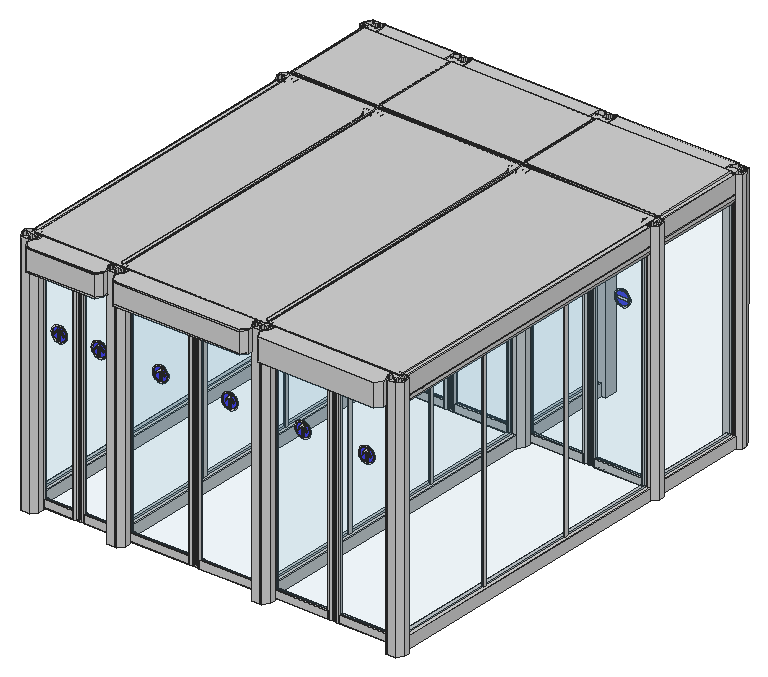
Revit family "ASSA_ABLOY_SecurityPortal_EL_Twin", category Doors, Revit 2020 (continued)
Automatic sketch dimensions
  Sweep 4 sketch curve to Sweep 4 sketch curve = 8.103 mm  (x2)
  Sweep 4 sketch curve to Sweep 4 sketch curve = 15.00 mm  (x2)
  Sweep 4 sketch curve to plane 8 "Center" = 17.45 mm
  Sweep 4 sketch curve to Sweep 4 sketch curve = 2.50 mm
  plane 4 "Top" to Extrusion 29 sketch curve = 4.531 mm
  plane 1 "Entry" to curve 59 = 0.00 mm
  plane 1 "Entry" to curve 60 = 0.00 mm
  plane 26 to curve 93 = 0.00 mm
  plane 26 to curve 59 = 0.00 mm
  plane 26 to curve 60 = 0.00 mm
  curve 93 to curve 59 = 938.195 mm
  curve 93 to curve 94 = 403.012 mm
  curve 94 to curve 94 = 1730.692 mm
  plane 4 "Top" to Extrusion 43 sketch curve = 4.531 mm
  plane 4 "Top" to Extrusion 15 sketch curve = 4.531 mm
  Extrusion 15 sketch curve to plane 4 "Top" = 0.00 mm
  Extrusion 44 sketch curve to plane 38 = 0.00 mm  (x2)
  plane 25 to Extrusion 44 sketch curve = 0.00 mm  (x2)
  Extrusion 44 sketch curve to plane 35 = 0.00 mm  (x2)
  curve 75 to curve 85 = 8.10 mm
  curve 76 to curve 85 = 8.10 mm
  curve 85 to curve 32 = 0.00 mm
  curve 33 to curve 85 = 0.00 mm
  curve 86 to curve 92 = 29.90 mm
  curve 91 to curve 88 = 29.90 mm
  curve 31 to curve 83 = 8.10 mm
  curve 30 to curve 84 = 8.10 mm
  curve 33 to curve 31 = 33.00 mm
  curve 30 to curve 32 = 33.00 mm
Nested families
  nested 1: "Panel" at (-573.1, 0, 0), PanelWidth <- "PanelWidth", type "Left Entry"
    with PanelWidth 573.10 mm
  nested 2: "Panel" at (573.1, 0, 0) x (-1, 0, 0) z (0, 0, 1), PanelWidth <- "PanelWidth", type "Right Entry"
    with PanelWidth 573.10 mm
  nested 3: "Panel" at (-573.1, 2999.92, 0), PanelWidth <- "PanelWidth", type "Left Exit"
    with PanelWidth 573.10 mm
  nested 4: "Panel" at (573.1, 2999.92, 0) x (-1, 0, 0) z (0, 0, 1), PanelWidth <- "PanelWidth", type "Right Exit"
    with PanelWidth 573.10 mm
  nested 5: "Advance" at (0, 3017.37, 0), visible <- "Advance", 2Row <- "Row2", 3Row <- "Row3", type "Advance"
    with 3Row yes, 2RowPoll no, 2Row yes, 1Row no, ThirdPassageWidth 650.00 mm, SecondPassageWidth 1200.00 mm, PassageWidth 1100.00 mm, Length 853.79 mm
  nested 6: "Panel" at (-1937.7, 0, 0), visible <- "Row2", PanelWidth <- "PanelWidth2", type "Left Entry"
    with PanelWidth 623.10 mm
  nested 7: "Panel" at (-691.2, 0, 0) x (-1, 0, 0) z (0, 0, 1), visible <- "Row2", PanelWidth <- "PanelWidth2", type "Right Entry"
    with PanelWidth 623.10 mm
  nested 8: "Panel" at (-1937.7, 2999.92, 0), visible <- "Row2", PanelWidth <- "PanelWidth2", type "Left Exit"
    with PanelWidth 623.10 mm
  nested 9: "Panel" at (-691.2, 2999.92, 0) x (-1, 0, 0) z (0, 0, 1), visible <- "Row2", PanelWidth <- "PanelWidth2", type "Right Exit"
    with PanelWidth 623.10 mm
  nested 10: "Panel" at (-2752.2, 0, 0), visible <- "Row3", PanelWidth <- "PanelWidth3", type "Left Entry"
    with PanelWidth 348.10 mm
  nested 11: "Panel" at (-2055.8, 0, 0) x (-1, 0, 0) z (0, 0, 1), visible <- "Row3", PanelWidth <- "PanelWidth3", type "Right Entry"
    with PanelWidth 348.10 mm
  nested 12: "Panel" at (-2752.2, 2999.92, 0), visible <- "Row3", PanelWidth <- "PanelWidth3", type "Left Exit"
    with PanelWidth 348.10 mm
  nested 13: "Panel" at (-2055.8, 2999.92, 0) x (-1, 0, 0) z (0, 0, 1), visible <- "Row3", PanelWidth <- "PanelWidth3", type "Right Exit"
    with PanelWidth 348.10 mm
Definition of nested family "Panel"
  Parameters (values of type "Left Entry")
    Width = 0.00 mm
    URL = ""
    Type Comments = ""
    Thickness = 0.00 mm
    Rubber = none
    Rough Width = 0.00 mm
    Rough Height = 0.00 mm
    RightPanel = no
    PassageHeight = 2100.00 mm
    PanelWidth [instance] = 273.10 mm
    PanelGlass = none
    Operation = "Automatic"
    OpeningRotationAngle = 0.00°
    Model = ""
    Manufacturer = ""
    LeftPanel = not(RightPanel)  # yes
    Keynote = ""
    Height = 0.00 mm
    Function = (empty or 0)
    Frames = none
    Exit = no
    Entry = yes
    Description = ""
    Default Elevation = 1219.20 mm
    Cost = 0
    Construction Type = ""
    Assembly Code = ""
    Analytic Construction = "<None>"
  Types (4, lengths in mm): name | RightPanel | LeftPanel | Exit | Entry
    Left Entry | no | yes | no | yes
    Left Exit | no | yes | yes | no
    Right Exit | yes | no | yes | no
    Right Entry | yes | no | no | yes
  Reference planes
    plane 1 "Center (Front/Back)": y = 0
    plane 2: z = 0
    plane 3 "Center (Left/Right)": x = 0
    plane 4 "Top": z = 2100
    plane 5: z = 2093
    plane 6: z = 20
    plane 7 "Exit": y = 8
    plane 8: z = 2064
    plane 9: z = 49
  Forms (mm)
    Sweep 1, solid, material <- "Frames"
      path origin (0, 0, 0) x (1, 0, 0) y (0, 0, 1)
        loop
          line (0, 2100) -> (0, 0)
      profile origin (0, 0, 1050) x (0, -1, 0) y (1, 0, 0)
        loop
          arc (-15, 13.229) -> (0, -20) -> (15, 13.229) r 20
          line (15, 13.229) -> (15, 23) -> (2, 23) -> (2, 11.4) -> (-12, 11.4) -> (-12, 23) -> (-15, 23) -> (-15, 13.229)
    Sweep 2, solid, material <- "Frames", visible <- "LeftPanel"
      path origin (0, 0, 0) x (1, 0, 0) y (0, 0, 1)
        loop
          line (273.1, 2093) -> (273.1, 20)
      profile origin (273.1, 0, 1056.5) x (0, -1, 0) y (1, 0, 0)
        loop
          line (-12, -39.05) -> (1.998, -39.05) -> (1.998, -50.643) -> (14.998, -50.643) -> (14.998, -35.65) -> (11.459, -13.245) -> (4, -7.655) -> (4, 7.349) -> (-4.002, 7.349) -> (-4.002, -7.655) -> (-11.461, -13.245) -> (-15.001, -35.65) -> (-15.001, -50.643) -> (-12, -50.643) -> (-12, -39.05)
    Sweep 3, solid, material <- "Frames"
      path origin (0, 0, 0) x (1, 0, 0) y (0, 1, 0)
        loop
          line (222.457, 0) -> (23, 0)
      profile origin (122.728, 0, 0) x (0, -1, 0) y (0, 0, 1)
        loop
          line (-15, 90) -> (-15, 20) -> (-12, 20) -> (-12, 33) -> (12, 33) -> (12, 20) -> (15, 20) -> (15, 90) -> (2, 90) -> (2, 45.4) -> (-12, 45.4) -> (-12, 90) -> (-15, 90)
    Sweep 4, solid, material <- "Rubber"
      path origin (0, 0, 0) x (1, 0, 0) y (0, 1, 0)
        loop
          line (222.457, 0) -> (33.008, 0)
      profile origin (127.733, 0, 0) x (0, -1, 0) y (0, 0, 1)
        loop
          line (-12, 20) -> (-1.235, 20) -> (-0.472, 7) -> (0.472, 7) -> (1.235, 20) -> (12, 20) -> (12, 30.5) -> (0, 30.5) -> (-12, 30.5) -> (-12, 20)
    Sweep 5, solid, material <- "Frames"
      path origin (0, 0, 2100) x (0, -1, 0) y (1, 0, 0)
        loop
          line (0, 222.457) -> (0, 23)
      profile origin (122.728, 0, 2100) x (0, -1, 0) y (0, 0, 1)
        loop
          line (-15, -77) -> (-12, -77) -> (-12, -32.4) -> (2, -32.4) -> (2, -77) -> (15, -77) -> (15, -7) -> (12, -7) -> (12, -20) -> (-12, -20) -> (-12, -7) -> (-15, -7) -> (-15, -77)
    Extrusion 6, solid, material <- "PanelGlass"
      sketch origin (0, 0, 0) x (1, 0, 0) y (0, 1, 0)
        loop
          line (230.45, 0) -> (230.45, 8) -> (15, 8) -> (15, 0) -> (230.45, 0)
      from 49 to 2064
    Sweep 7, solid, visible <- "Entry"
      path origin (0, 0, 0) x (1, 0, 0) y (0, 1, 0)
        loop
          line (122.728, 0) -> (122.728, -1.002)
      profile origin (122.728, -0.501, 0) x (1, 0, 0) y (0, 0, 1)
        loop
          circle (0, 1520) r 75
        loop
          circle (0, 1520) r 65
        loop
          line (10, 1465) -> (10, 1543.636) -> (40, 1507.883) -> (40, 1527.33) -> (0, 1575) -> (-40, 1527.33) -> (-40, 1507.883) -> (-10, 1543.636) -> (-10, 1465) -> (10, 1465)
    Sweep 8, solid, visible <- "Exit"
      path origin (0, 0, 0) x (1, 0, 0) y (0, 1, 0)
        loop
          line (122.728, 9) -> (122.728, 8)
      profile origin (122.728, 8.5, 0) x (1, 0, 0) y (0, 0, 1)
        loop
          circle (0, 1520) r 75
        loop
          circle (0, 1520) r 65
        loop
          line (55, 1530) -> (-55, 1530) -> (-55, 1510) -> (55, 1510) -> (55, 1530)
    Sweep 9, solid, visible <- "Entry"
      path origin (0, 0, 0) x (1, 0, 0) y (0, 1, 0)
        loop
          line (122.728, 0) -> (122.728, -1.002)
      profile origin (122.728, -0.501, 0) x (1, 0, 0) y (0, 0, 1)
        loop
          circle (0, 1520) r 65
        loop
          line (10, 1465) -> (10, 1543.636) -> (40, 1507.883) -> (40, 1527.33) -> (0, 1575) -> (-40, 1527.33) -> (-40, 1507.883) -> (-10, 1543.636) -> (-10, 1465) -> (10, 1465)
    Sweep 10, solid, visible <- "Exit"
      path origin (0, 0, 0) x (1, 0, 0) y (0, 1, 0)
        loop
          line (122.728, 9) -> (122.728, 8)
      profile origin (122.728, 8.5, 0) x (1, 0, 0) y (0, 0, 1)
        loop
          circle (0, 1520) r 65
        loop
          line (55, 1530) -> (-55, 1530) -> (-55, 1510) -> (55, 1510) -> (55, 1530)
    Sweep 11, solid, material <- "Frames", visible <- "RightPanel"
      path origin (0, 0, 0) x (1, 0, 0) y (0, 0, 1)
        loop
          line (273.1, 2093) -> (273.1, 20)
      profile origin (273.1, 0, 1056.5) x (0, -1, 0) y (1, 0, 0)
        loop
          line (-12.001, -39.05) -> (1.998, -39.05) -> (1.998, -50.643) -> (14.998, -50.643) -> (14.998, -35.65) -> (11.997, -16.65) -> (11.997, -2.65)
          arc (11.997, -2.65) -> (9.768, 2.472) -> (4.5, 4.332) r 7
          line (4.5, 4.332) -> (4.5, -14.15) -> (-4.5, -14.15) -> (-4.5, 4.332)
          arc (-4.5, 4.332) -> (-9.769, 2.473) -> (-11.999, -2.65) r 7
          line (-11.999, -2.65) -> (-11.999, -16.65) -> (-15.001, -35.65) -> (-15.001, -50.643) -> (-12.001, -50.643) -> (-12.001, -39.05)
  Lines and regions (mm)
    Masking region 1
      outline origin (0, 0, 0) x (1, 0, 0) y (0, 1, 0)
        loop
          arc (13.229, 15) -> (-20, 0) -> (13.229, -15) r 20
          line (13.229, -15) -> (23, -15) -> (23, 15) -> (13.229, 15)
    Masking region 2
      outline origin (0, 0, 0) x (1, 0, 0) y (0, 1, 0)
        loop
          line (23, -15) -> (222.457, -15) -> (222.457, 15) -> (23, 15) -> (23, -15)
    Masking region 3, visible <- "LeftPanel", detail levels fine
      outline origin (0, 0, 0) x (1, 0, 0) y (0, 1, 0)
        loop
          line (222.457, -14.998) -> (237.45, -14.998) -> (259.855, -11.459) -> (265.445, -4) -> (280.449, -4) -> (280.449, 4.002) -> (265.445, 4.002) -> (259.855, 11.461) -> (237.45, 15.001) -> (222.457, 15.001) -> (222.457, -14.998)
    Masking region 4, visible <- "RightPanel", detail levels fine
      outline origin (0, 0, 0) x (1, 0, 0) y (0, 1, 0)
        loop
          line (237.45, -14.998) -> (256.45, -11.997) -> (270.45, -11.997)
          arc (270.45, -11.997) -> (275.572, -9.768) -> (277.432, -4.5) r 7
          line (277.432, -4.5) -> (258.95, -4.5) -> (258.95, 4.5) -> (277.432, 4.5)
          arc (277.432, 4.5) -> (275.573, 9.769) -> (270.45, 11.999) r 7
          line (270.45, 11.999) -> (256.45, 11.999) -> (237.45, 15.001) -> (222.457, 15.001) -> (222.457, -14.998) -> (237.45, -14.998)
    Masking region 5, detail levels medium
      outline origin (0, 0, 0) x (1, 0, 0) y (0, 1, 0)
        loop
          line (273.1, -11.997) -> (273.1, 11.999) -> (256.45, 11.999) -> (237.45, 15.001) -> (222.457, 15.001) -> (222.457, -14.998) -> (237.45, -14.998) -> (256.45, -11.997) -> (273.1, -11.997)
    Masking region 6, detail levels coarse
      outline origin (0, 0, 0) x (1, 0, 0) y (0, 1, 0)
        loop
          line (222.457, -14.998) -> (273.1, -14.998) -> (273.1, 15.001) -> (222.457, 15.001) -> (222.457, -14.998)
    reference lines
      curve 1: line (0, 0, 0) -> (500, 0, 0)
      curve 2: line (0, 8, 0) -> (500, 8, 0)
      curve 3: line (273.1, 0, 0) -> (273.1, 0, 27.063)
      curve 4: line (235.45, 0, 0) -> (235.45, 0, 37.698)
      curve 5: line (230.45, 0, 0) -> (230.45, 0, 37.698)
      curve 6: line (222.457, 0, 0) -> (222.457, 0, 37.698)
      curve 7: line (122.728, 0, 0) -> (122.728, 0, 40)
      curve 8: line (30.5, 0, 0) -> (30.5, 0, 40)
      curve 9: line (23, 0, 0) -> (23, 0, 40)
      curve 10: line (15, 0, 0) -> (15, 0, 40)
      curve 11: line (0, 0, 0) -> (0, 0, 40)
      curve 12: line (235.45, 0, 0) -> (235.45, 8, 0)
      curve 13: line (230.45, 0, 0) -> (230.45, 8, 0)
      curve 14: line (222.457, 0, 0) -> (222.457, 8, 0)
      curve 15: line (122.728, 0, 0) -> (122.728, 8, 0)
      curve 16: line (30.5, 0, 0) -> (30.5, 8, 0)
      curve 17: line (23, 0, 0) -> (23, 8, 0)
      curve 18: line (15, 0, 0) -> (15, 8, 0)
      curve 19: line (0, 0, 2100) -> (500, 0, 2100)
      curve 20: line (273.1, 0, 0) -> (273.1, 8, 0)
    symbolic lines, detail levels medium+fine
      curve 21: line (234.05, -1.998, 0) -> (222.457, -1.998, 0)
      curve 22: line (234.05, 12.001, 0) -> (234.05, -1.998, 0)
      curve 23: line (222.457, 12.001, 0) -> (234.05, 12.001, 0)
      curve 24: line (23, 12, 0) -> (399.107, 12, 0)
      curve 25: line (399.107, -2, 0) -> (23, -2, 0)
      curve 26: line (23, -2, 0) -> (11.4, -2, 0)
      curve 27: line (11.4, -2, 0) -> (11.4, 12, 0)
      curve 28: line (11.4, 12, 0) -> (23, 12, 0)
      curve 33: line (222.457, -1.998, 0) -> (222.457, -14.998, 0)
      curve 34: line (222.457, 15.001, 0) -> (222.457, 12.001, 0)
      curve 35: line (23, -15, 0) -> (23, -2, 0)
      curve 36: line (23, 12, 0) -> (23, 15, 0)
    symbolic lines, detail levels fine
      curve 29: line (15, 8, 0) -> (15, 0, 0)
      curve 30: line (15, 0, 0) -> (407.1, 0, 0)
      curve 31: line (407.1, 8, 0) -> (15, 8, 0)
      curve 32: line (407.1, 0, 0) -> (407.1, 8, 0)
  Dimensions and locks
    "PassageHeight": plane 4 "Top" to plane 2
    locked: plane 4 "Top" to plane 5 at 7
    locked: plane 4 "Top" to plane 8 at 36
    curve 8 to curve 9 to curve 10 to curve 11 = 7.50 mm locked, 8.00 mm locked, 15.00 mm locked
    curve 3 to curve 4 to curve 5 to curve 6 = 37.65 mm locked, 5.00 mm locked, 7.993 mm locked
    equal spacing: curve 6, curve 7, curve 9
    "PanelWidth": curve 3 to curve 11
    "PassageHeight": curve 19 to curve 1
    "OpeningRotationAngle": angle plane 1 "Center (Front/Back)" to curve 1
    aligned and locked: level to plane 2
    aligned and locked: plane 4 "Top" to Sweep 1 sketch curve
    aligned and locked: level to Sweep 1 sketch curve
    aligned and locked: plane 5 to Sweep 2 sketch curve
    aligned and locked: plane 6 to Sweep 2 sketch curve
    aligned and locked: plane 8 to Extrusion 6
    aligned and locked: Extrusion 6 to plane 9
    aligned and locked: plane 3 "Center (Left/Right)" to curve 1
    aligned and locked: plane 1 "Center (Front/Back)" to curve 1
    aligned and locked: Sweep 3 sketch curve to curve 1
    aligned and locked: Sweep 5 sketch curve to curve 1
    aligned and locked: Sweep 1 sketch curve to curve 11
    aligned and locked: Sweep 4 sketch curve to curve 1
    aligned and locked: Sweep 2 sketch curve to curve 3
    aligned and locked: Sweep 3 sketch curve to curve 14
    aligned and locked: Sweep 3 sketch curve to curve 17
    aligned and locked: Extrusion 6 to curve 5
    aligned and locked: Sweep 7 sketch curve to curve 15
    aligned and locked: Sweep 9 sketch curve to curve 15
    aligned and locked: Sweep 8 sketch curve to curve 15
    aligned and locked: Sweep 10 sketch curve to curve 15
    aligned and locked: Sweep 11 sketch curve to curve 3
    aligned and locked: plane 6 to Sweep 11 sketch curve
    aligned and locked: plane 5 to Sweep 11 sketch curve
    aligned and locked: Sweep 5 sketch curve to curve 14
    aligned and locked: Sweep 4 sketch curve to curve 14
    aligned and locked: Masking region 1 sketch curve to Sweep 1  (x3)
    aligned and locked: Masking region 2 sketch curve to Sweep 3  (x2)
    aligned and locked: Masking region 2 sketch curve to curve 17
    aligned and locked: Masking region 2 sketch curve to curve 14
    aligned and locked: Masking region 1 sketch curve to curve 17
    aligned and locked: Masking region 3 sketch curve to curve 14
    aligned and locked: Masking region 3 sketch curve to Sweep 2  (x9)
    aligned and locked: Masking region 4 sketch curve to Sweep 11  (x10)
    aligned and locked: Masking region 4 sketch curve to curve 14
    aligned and locked: Masking region 5 sketch curve to curve 20
    aligned and locked: Masking region 5 sketch curve to Sweep 11  (x6)
    aligned and locked: Masking region 5 sketch curve to curve 14
    aligned and locked: Masking region 6 sketch curve to curve 14
    aligned and locked: Masking region 6 sketch curve to Sweep 11  (x2)
    aligned and locked: Masking region 6 sketch curve to curve 20
    aligned and locked: curve 21 to Sweep 11
    aligned and locked: curve 22 to Sweep 11
    aligned and locked: curve 23 to Sweep 11
    aligned and locked: curve 24 to Sweep 3
    aligned and locked: curve 25 to Sweep 3
    aligned and locked: curve 26 to Sweep 1
    aligned and locked: curve 27 to Sweep 1
    aligned and locked: curve 28 to Sweep 1
    aligned and locked: curve 29 to Extrusion 6
    aligned and locked: curve 30 to Extrusion 6
    aligned and locked: curve 31 to Extrusion 6
    aligned and locked: curve 33 to Sweep 11
    aligned and locked: curve 34 to Sweep 11
    aligned and locked: curve 35 to Sweep 1
    aligned and locked: curve 36 to Sweep 1
  Automatic sketch dimensions
    Sweep 4 sketch curve to profile plane = 0.00 mm
    profile plane to Sweep 4 sketch curve = 0.472 mm
    Sweep 4 sketch curve to profile plane = 1.235 mm
    level to Sweep 4 sketch curve = 7.00 mm
    Sweep 4 sketch curve to Sweep 4 sketch curve = 0.00 mm
    Sweep 4 sketch curve to Sweep 4 sketch curve = 10.50 mm
    Sweep 4 sketch curve to profile plane = 0.472 mm
    profile plane to Sweep 4 sketch curve = 1.235 mm
    Sweep 4 sketch curve to Sweep 4 sketch curve = 10.765 mm  (x2)
    Sweep 4 sketch curve to Sweep 4 sketch curve = 13.00 mm
    profile plane to Sweep 3 sketch curve = 15.00 mm
    Sweep 3 sketch curve to Sweep 3 sketch curve = 3.00 mm  (x3)
    Sweep 3 sketch curve to profile plane = 2.00 mm
    Sweep 3 sketch curve to profile plane = 12.00 mm
    level to Sweep 3 sketch curve = 20.00 mm  (x2)
    Sweep 3 sketch curve to Sweep 3 sketch curve = 13.00 mm
    Sweep 3 sketch curve to Sweep 3 sketch curve = 12.40 mm
    Sweep 3 sketch curve to Sweep 3 sketch curve = 44.60 mm
    Sweep 3 sketch curve to Sweep 3 sketch curve = 0.00 mm
    profile plane to Sweep 5 sketch curve = 15.00 mm
    Sweep 5 sketch curve to Sweep 5 sketch curve = 3.00 mm  (x3)
    Sweep 5 sketch curve to profile plane = 2.00 mm
    Sweep 5 sketch curve to profile plane = 12.00 mm
    Sweep 5 sketch curve to plane 4 "Top" = 77.00 mm
    Sweep 5 sketch curve to Sweep 5 sketch curve = 0.00 mm
    Sweep 5 sketch curve to plane 4 "Top" = 32.40 mm
    Sweep 5 sketch curve to Sweep 5 sketch curve = 12.40 mm
    Sweep 5 sketch curve to plane 4 "Top" = 7.00 mm  (x2)
    Sweep 7 sketch curve to Sweep 7 sketch curve = 0.00 mm  (x3)
    profile plane to Sweep 7 sketch curve = 0.00 mm  (x2)
    profile plane to Sweep 7 sketch curve = 10.00 mm
    Sweep 7 sketch curve to Sweep 7 sketch curve = 30.00 mm
    Sweep 7 sketch curve to profile plane = 10.00 mm
    Sweep 7 sketch curve to profile plane = 40.00 mm
    level to Sweep 7 sketch curve = 1465.00 mm
    Sweep 7 sketch curve to Sweep 7 sketch curve = 42.883 mm  (x2)
    Sweep 7 sketch curve to Sweep 7 sketch curve = 12.117 mm
    Sweep 7 sketch curve to Sweep 7 sketch curve = 19.447 mm  (x2)
    Sweep 7 sketch curve to Sweep 7 sketch curve = 23.636 mm
    Sweep 7 sketch curve to Sweep 7 sketch curve = 31.364 mm
    Sweep 8 sketch curve to Sweep 8 sketch curve = 0.00 mm  (x2)
    profile plane to Sweep 8 sketch curve = 0.00 mm
    Sweep 8 sketch curve to Sweep 8 sketch curve = 10.00 mm
    Sweep 8 sketch curve to Sweep 8 sketch curve = 20.00 mm
    profile plane to Sweep 8 sketch curve = 55.00 mm
    Sweep 8 sketch curve to profile plane = 55.00 mm
    level to Sweep 8 sketch curve = 1510.00 mm
    profile plane to Sweep 9 sketch curve = 0.00 mm  (x2)
    profile plane to Sweep 9 sketch curve = 10.00 mm
    profile plane to Sweep 9 sketch curve = 40.00 mm
    Sweep 9 sketch curve to profile plane = 10.00 mm
    Sweep 9 sketch curve to profile plane = 40.00 mm
    level to Sweep 9 sketch curve = 1465.00 mm
    Sweep 9 sketch curve to Sweep 9 sketch curve = 42.883 mm  (x2)
    Sweep 9 sketch curve to Sweep 9 sketch curve = 12.117 mm
    Sweep 9 sketch curve to Sweep 9 sketch curve = 19.447 mm  (x2)
    Sweep 9 sketch curve to Sweep 9 sketch curve = 0.00 mm
    Sweep 9 sketch curve to Sweep 9 sketch curve = 31.364 mm
    Sweep 9 sketch curve to Sweep 9 sketch curve = 23.636 mm
    profile plane to Sweep 10 sketch curve = 0.00 mm
    profile plane to Sweep 10 sketch curve = 55.00 mm
    Sweep 10 sketch curve to profile plane = 55.00 mm
    level to Sweep 10 sketch curve = 1510.00 mm
    Sweep 10 sketch curve to Sweep 10 sketch curve = 10.00 mm
    Sweep 10 sketch curve to Sweep 10 sketch curve = 20.00 mm
    curve 1 to Extrusion 6 sketch curve = 0.00 mm
    curve 1 to Extrusion 6 sketch curve = 15.00 mm
    Extrusion 6 sketch curve to curve 1 = 8.00 mm
    Extrusion 6 sketch curve to Extrusion 6 sketch curve = 215.45 mm
    curve 1 to Sweep 7 sketch curve = 0.00 mm
    curve 1 to Sweep 7 sketch curve = 1.002 mm
    Sweep 8 sketch curve to curve 1 = 8.00 mm
    Sweep 8 sketch curve to Sweep 8 sketch curve = 1.00 mm
    curve 1 to Sweep 9 sketch curve = 0.00 mm
    curve 1 to Sweep 9 sketch curve = 1.002 mm
    Sweep 10 sketch curve to curve 1 = 8.00 mm
    Sweep 10 sketch curve to Sweep 10 sketch curve = 1.00 mm
    curve 2 to curve 1 = 0.00 mm  (x2)
    curve 1 to curve 2 = 8.00 mm
    Sweep 1 sketch curve to profile plane = 0.00 mm
    profile plane to Sweep 1 sketch curve = 0.00 mm
    Sweep 1 sketch curve to profile plane = 12.00 mm
    Sweep 1 sketch curve to Sweep 1 sketch curve = 3.00 mm
    profile plane to Sweep 1 sketch curve = 2.00 mm
    Sweep 1 sketch curve to Sweep 1 sketch curve = 13.00 mm
    Sweep 1 sketch curve to profile plane = 11.40 mm
    Sweep 1 sketch curve to Sweep 1 sketch curve = 1.829 mm
    Sweep 1 sketch curve to Sweep 1 sketch curve = 9.771 mm  (x2)
    Sweep 2 sketch curve to profile plane = 15.001 mm
    Sweep 2 sketch curve to Sweep 2 sketch curve = 3.001 mm
    Sweep 2 sketch curve to profile plane = 11.461 mm
    Sweep 2 sketch curve to profile plane = 4.002 mm
    profile plane to Sweep 2 sketch curve = 1.998 mm
    profile plane to Sweep 2 sketch curve = 4.00 mm
    Sweep 2 sketch curve to Sweep 2 sketch curve = 7.459 mm
    Sweep 2 sketch curve to Sweep 2 sketch curve = 13.00 mm
    profile plane to Sweep 2 sketch curve = 50.643 mm
    Sweep 2 sketch curve to Sweep 2 sketch curve = 0.00 mm
    Sweep 2 sketch curve to Sweep 2 sketch curve = 11.593 mm
    Sweep 2 sketch curve to Sweep 2 sketch curve = 3.40 mm  (x2)
    profile plane to Sweep 2 sketch curve = 13.245 mm  (x2)
    profile plane to Sweep 2 sketch curve = 7.655 mm  (x2)
    Sweep 2 sketch curve to profile plane = 7.349 mm
    curve 1 to Sweep 4 sketch curve = 33.008 mm
    curve 4 to curve 12 = 0.00 mm
    curve 12 to curve 4 = 8.00 mm
    curve 12 to curve 4 = 0.00 mm
    curve 5 to curve 13 = 0.00 mm
    curve 13 to curve 5 = 8.00 mm
    curve 13 to curve 5 = 0.00 mm
    curve 6 to curve 14 = 0.00 mm
    curve 14 to curve 6 = 8.00 mm
    curve 14 to curve 6 = 0.00 mm
    curve 7 to curve 15 = 0.00 mm
    curve 15 to curve 7 = 8.00 mm
    curve 15 to curve 7 = 0.00 mm
    curve 8 to curve 16 = 0.00 mm
    curve 16 to curve 8 = 8.00 mm
    curve 16 to curve 8 = 0.00 mm
    curve 9 to curve 17 = 0.00 mm
    curve 17 to curve 9 = 8.00 mm
    curve 17 to curve 9 = 0.00 mm
    curve 10 to curve 18 = 0.00 mm
    curve 18 to curve 10 = 8.00 mm
    curve 18 to curve 10 = 0.00 mm
    Sweep 11 sketch curve to profile plane = 15.001 mm
    Sweep 11 sketch curve to Sweep 11 sketch curve = 3.00 mm
    profile plane to Sweep 11 sketch curve = 2.65 mm  (x2)
    Sweep 11 sketch curve to profile plane = 11.999 mm
    Sweep 11 sketch curve to profile plane = 4.999 mm
    Sweep 11 sketch curve to profile plane = 4.50 mm
    profile plane to Sweep 11 sketch curve = 1.998 mm
    profile plane to Sweep 11 sketch curve = 4.50 mm
    profile plane to Sweep 11 sketch curve = 4.997 mm
    Sweep 11 sketch curve to Sweep 11 sketch curve = 7.00 mm
    Sweep 11 sketch curve to Sweep 11 sketch curve = 13.00 mm
    Sweep 11 sketch curve to Sweep 11 sketch curve = 11.50 mm
    Sweep 11 sketch curve to Sweep 11 sketch curve = 2.50 mm  (x2)
    Sweep 11 sketch curve to Sweep 11 sketch curve = 19.00 mm  (x2)
    Sweep 11 sketch curve to Sweep 11 sketch curve = 3.40 mm
    Sweep 11 sketch curve to Sweep 11 sketch curve = 11.593 mm
    Sweep 11 sketch curve to Sweep 11 sketch curve = 14.993 mm
    curve 19 to Sweep 5 sketch curve = 23.00 mm
    curve 3 to curve 20 = 0.00 mm
    curve 20 to curve 3 = 8.00 mm
    curve 20 to curve 3 = 0.00 mm
    curve 23 to curve 24 = 176.65 mm
    curve 21 to curve 25 = 176.65 mm
    curve 1 to curve 29 = 0.00 mm
    curve 27 to curve 29 = 3.60 mm
    curve 21 to curve 30 = 173.05 mm
    curve 29 to curve 27 = 4.00 mm
    curve 33 to curve 25 = 12.998 mm
    curve 23 to curve 34 = 3.00 mm
    curve 35 to curve 25 = 13.00 mm
    curve 36 to curve 36 = 3.00 mm
    curve 11 to curve 1 = 0.00 mm  (x2)
    curve 19 to curve 1 = 0.00 mm  (x2)
    curve 3 to curve 1 = 0.00 mm
    curve 4 to curve 1 = 0.00 mm
    curve 10 to curve 1 = 0.00 mm
    curve 5 to curve 1 = 0.00 mm
    curve 9 to curve 1 = 0.00 mm
    curve 6 to curve 1 = 0.00 mm
    curve 8 to curve 1 = 0.00 mm
    curve 7 to curve 1 = 0.00 mm
    curve 1 to curve 11 = 40.00 mm
    curve 3 to curve 1 = 27.063 mm
    curve 6 to curve 1 = 37.698 mm
    curve 5 to curve 6 = 0.00 mm
    curve 4 to curve 5 = 0.00 mm
    curve 7 to curve 1 = 40.00 mm
    curve 1 to curve 10 = 40.00 mm
    curve 9 to curve 10 = 0.00 mm
    curve 8 to curve 9 = 0.00 mm
    radius of Sweep 7 sketch curve = 75.00 mm
    radius of Sweep 7 sketch curve = 65.00 mm
    radius of Sweep 8 sketch curve = 75.00 mm
    radius of Sweep 8 sketch curve = 65.00 mm
    radius of Sweep 9 sketch curve = 65.00 mm
    radius of Sweep 10 sketch curve = 65.00 mm
Definition of nested family "Advance"
  Parameters (values of type "Advance")
    Width = 500.00 mm
    URL = ""
    Type Comments = ""
    ThirdPassageWidth = 500.00 mm
    Thickness = 0.00 mm
    Sensor = none
    SecondPassageWidth = 500.00 mm
    Rubber = none
    Rough Width = 979.00 mm
    Rough Height = 2515.00 mm
    PassageWidth = 500.00 mm
    PassageHeight = 2100.00 mm
    PanelGlass = none
    PHeight = if(PassageHeight > MinHeight, if(PassageHeight < MaxHeight, PassageHeight, MaxHeight), MinHeight)  # 2150.00 mm
    Operation = "Automatic"
    Model = ""
    MinHeight = 2150.00 mm  # constant formula
    MaxHeight = 2300.00 mm  # constant formula
    Manufacturer = ""
    Length = 500.00 mm
    Keynote = ""
    Height = 2515.00 mm
    Function = 1
    Frames = none
    FrameMaterial = none
    Fire Rating = ""
    Description = ""
    Cost = 0
    Construction Type = "Automatic Sliding Door"
    Assembly Code = ""
    Analytic Construction = "<None>"
    Alarm = none
    3Row [instance] = no
    2RowPoll [instance] = not(or([3Row], [1Row]))  # no
    2Row [instance] = no
    1Row [instance] = not(or([2Row], [3Row]))  # yes
  Reference planes
    plane 1 "Entry": y = 0
    plane 2: z = 0
    plane 3 "Center (Left/Right)": x = 0
    plane 4 "Top": z = 2311
    plane 5 "PH": z = 2100
    plane 6: x = -250
    plane 7: x = 250
    plane 8: x = 273.1
    plane 9: x = -273.1
    plane 10: x = 328.05
    plane 11: x = 336.25
    plane 12: x = -328.05
    plane 13: x = -336.25
    plane 14: z = 70.9
    plane 15: z = 2080.9
    plane 16: x = -248.75
    plane 17: x = -414.5
    plane 18: x = -664.5
    plane 19: x = -914.5
    plane 20: x = -1079
    plane 21: x = -1329
    plane 22: x = -1579
    plane 23: x = -1743.5
    plane 24: x = -996.75
    plane 25: x = -1661.25
    plane 26: x = -1665.35
    plane 27: x = -1657.15
    plane 28: x = -992.65
    plane 29: x = -1000.85
    plane 30: x = -293.15
    plane 31: x = 293.15
    plane 32: x = -371.15
    plane 33: x = -957.75
    plane 34: x = -1035.75
    plane 35: x = -1622.25
    plane 36: y = 500
    plane 37: x = -376.75
    plane 38: x = -952.25
    plane 39: x = -1041.25
    plane 40: x = -1616.75
    plane 41: y = 646.21
    plane 42: y = 651.81
    plane 43: y = 649.58
  Forms (mm)
    Sweep 1, solid, material <- "Frames"
      path origin (0, -40, 2100) x (-1, 0, 0) y (0, -1, 0)
        loop
          line (-250, -40) -> (-250, -540)
      profile origin (250, 250, 2100) x (-1, 0, 0) y (0, 0, 1)
        loop
          line (-60.47, -28.7) -> (-43.15, 1.3) -> (-43.15, 38.1) -> (-115.65, 38.1)
          arc (-115.65, 38.1) -> (-118.125, 39.125) -> (-119.15, 41.6) r 3.5
          line (-119.15, 41.6) -> (-119.15, 105.35) -> (-46.15, 105.35) -> (-46.15, 142.35) -> (-119.15, 142.35) -> (-119.15, 206.6)
          arc (-119.15, 206.6) -> (-118.271, 208.721) -> (-116.15, 209.6) r 3
          line (-116.15, 209.6) -> (-71.15, 209.6) -> (-71.15, 211.6) -> (-116.15, 211.6)
          arc (-116.15, 211.6) -> (-119.686, 210.136) -> (-121.15, 206.6) r 5
          line (-121.15, 206.6) -> (-121.15, 41.6)
          arc (-121.15, 41.6) -> (-119.539, 37.711) -> (-115.65, 36.1) r 5.5
          line (-115.65, 36.1) -> (-115.65, 35.1) -> (-121.15, 35.1) -> (-121.15, 1.3) -> (-103.83, -28.7) -> (-92.15, -28.7) -> (-92.15, -33.1) -> (-89.15, -33.1) -> (-89.15, -19.1) -> (-75.15, -19.1) -> (-75.15, -33.1) -> (-72.15, -33.1) -> (-72.15, -28.7) -> (-60.47, -28.7)
    Sweep 2, solid, material <- "Frames"
      path origin (0, -40, 2100) x (1, 0, 0) y (0, -1, 0)
        loop
          line (-250, -40) -> (-250, -540)
      profile origin (-250, 250, 2100) x (-1, 0, 0) y (0, 0, 1)
        loop
          line (60.47, -28.7) -> (72.15, -28.7) -> (72.15, -33.1) -> (75.15, -33.1) -> (75.15, -19.1) -> (89.15, -19.1) -> (89.15, -33.1) -> (92.15, -33.1) -> (92.15, -28.7) -> (103.83, -28.7) -> (121.15, 1.3) -> (121.15, 35.1) -> (115.65, 35.1) -> (115.65, 36.1)
          arc (115.65, 36.1) -> (119.539, 37.711) -> (121.15, 41.6) r 5.5
          line (121.15, 41.6) -> (121.15, 206.6)
          arc (121.15, 206.6) -> (119.686, 210.136) -> (116.15, 211.6) r 5
          line (116.15, 211.6) -> (71.15, 211.6) -> (71.15, 209.6) -> (116.15, 209.6)
          arc (116.15, 209.6) -> (118.271, 208.721) -> (119.15, 206.6) r 3
          line (119.15, 206.6) -> (119.15, 142.35) -> (46.15, 142.35) -> (46.15, 105.35) -> (119.15, 105.35) -> (119.15, 41.6)
          arc (119.15, 41.6) -> (118.125, 39.125) -> (115.65, 38.1) r 3.5
          line (115.65, 38.1) -> (43.15, 38.1) -> (43.15, 1.3) -> (60.47, -28.7)
    Extrusion 3, solid, material <- "Frames"
      sketch origin (0, -45, 2100) x (-1, 0, 0) y (0, -1, 0)
        loop
          line (293.15, -45) -> (-293.15, -45) -> (-293.15, -545) -> (-250, -545) -> (-250, -631.253) -> (-287.465, -691.21) -> (-287.465, -694.58) -> (285.794, -694.58) -> (285.794, -692.412) -> (250, -666.476) -> (250, -545) -> (293.15, -545) -> (293.15, -45)
      from 0 to 10
    Extrusion 4, solid, material <- "Frames", visible <- "2Row"
      sketch origin (-814.5, -45, 2100) x (-1, 0, 0) y (0, -1, 0)
        loop
          line (143.25, -45) -> (-443.35, -45) -> (-443.35, -545) -> (-400, -545) -> (-400, -666.608) -> (-435.75, -692.573) -> (-435.75, -694.58) -> (135.719, -694.58) -> (135.719, -692.548) -> (100, -666.667) -> (100, -545) -> (143.25, -545) -> (143.25, -45)
      from 0 to 10
    Extrusion 5, solid, material <- "Frames", visible <- "3Row"
      sketch origin (-1629, -45, 2100) x (-1, 0, 0) y (0, -1, 0)
        loop
          line (-6.75, -45) -> (-593.25, -45) -> (-593.25, -545) -> (-550, -545) -> (-550, -666.34) -> (-584.242, -691.21) -> (-12.535, -691.21) -> (-50, -666.399) -> (-50, -545) -> (-6.75, -545) -> (-6.75, -45)
      from 0 to 10
    Sweep 6, solid, material <- "Frames", visible <- "2Row"
      path origin (-814.6, -40, 2100) x (1, 0, 0) y (0, -1, 0)
        loop
          line (-100, -40) -> (-100, -540)
      profile origin (-914.6, 250, 2100) x (-1, 0, 0) y (0, 0, 1)
        loop
          line (60.47, -28.7) -> (72.15, -28.7) -> (72.15, -33.1) -> (75.15, -33.1) -> (75.15, -19.1) -> (89.15, -19.1) -> (89.15, -33.1) -> (92.15, -33.1) -> (92.15, -28.7) -> (103.83, -28.7) -> (121.15, 1.3) -> (121.15, 35.1) -> (115.65, 35.1) -> (115.65, 36.1)
          arc (115.65, 36.1) -> (119.539, 37.711) -> (121.15, 41.6) r 5.5
          line (121.15, 41.6) -> (121.15, 206.6)
          arc (121.15, 206.6) -> (119.686, 210.136) -> (116.15, 211.6) r 5
          line (116.15, 211.6) -> (71.15, 211.6) -> (71.15, 209.6) -> (116.15, 209.6)
          arc (116.15, 209.6) -> (118.271, 208.721) -> (119.15, 206.6) r 3
          line (119.15, 206.6) -> (119.15, 142.35) -> (46.15, 142.35) -> (46.15, 105.35) -> (119.15, 105.35) -> (119.15, 41.6)
          arc (119.15, 41.6) -> (118.125, 39.125) -> (115.65, 38.1) r 3.5
          line (115.65, 38.1) -> (43.15, 38.1) -> (43.15, 1.3) -> (60.47, -28.7)
    Sweep 7, solid, material <- "Frames", visible <- "3Row"
      path origin (-1629.1, -40, 2100) x (1, 0, 0) y (0, -1, 0)
        loop
          line (50, -40) -> (50, -540)
      profile origin (-1579.1, 250, 2100) x (-1, 0, 0) y (0, 0, 1)
        loop
          line (60.47, -28.7) -> (72.15, -28.7) -> (72.15, -33.1) -> (75.15, -33.1) -> (75.15, -19.1) -> (89.15, -19.1) -> (89.15, -33.1) -> (92.15, -33.1) -> (92.15, -28.7) -> (103.83, -28.7) -> (121.15, 1.3) -> (121.15, 35.1) -> (115.65, 35.1) -> (115.65, 36.1)
          arc (115.65, 36.1) -> (119.539, 37.711) -> (121.15, 41.6) r 5.5
          line (121.15, 41.6) -> (121.15, 206.6)
          arc (121.15, 206.6) -> (119.686, 210.136) -> (116.15, 211.6) r 5
          line (116.15, 211.6) -> (71.15, 211.6) -> (71.15, 209.6) -> (116.15, 209.6)
          arc (116.15, 209.6) -> (118.271, 208.721) -> (119.15, 206.6) r 3
          line (119.15, 206.6) -> (119.15, 142.35) -> (46.15, 142.35) -> (46.15, 105.35) -> (119.15, 105.35) -> (119.15, 41.6)
          arc (119.15, 41.6) -> (118.125, 39.125) -> (115.65, 38.1) r 3.5
          line (115.65, 38.1) -> (43.15, 38.1) -> (43.15, 1.3) -> (60.47, -28.7)
    Sweep 8, solid, material <- "Frames"
      path origin (0, -22.55, 0) x (1, 0, 0) y (0, 0, 1)
        loop
          line (250, 0) -> (250, 2311)
      profile origin (250, -22.55, 1155.5) x (1, 0, 0) y (0, 1, 0)
        loop
          line (37.465, 668.76) -> (0, 608.803) -> (0, 522.55) -> (69.55, 522.55) -> (69.55, 542.55) -> (94.75, 542.55) -> (94.75, 522.55) -> (126.752, 522.55) -> (164.5, 560.298) -> (164.5, 608.803) -> (127.035, 668.76) -> (37.465, 668.76)
        loop
          line (93.15, 643.76) -> (93.15, 630.06) -> (84.65, 630.06) -> (84.65, 593.5) -> (121.65, 593.5) -> (121.65, 584) -> (144.6, 584) -> (144.6, 605.303) -> (162, 605.303) -> (162, 607.057) -> (127.78, 661.863) -> (110.85, 661.863) -> (110.85, 653.76) -> (100.15, 653.76) -> (100.15, 643.76) -> (93.15, 643.76)
        loop
          line (71.15, 643.76) -> (64.15, 643.76) -> (64.15, 653.76) -> (53.45, 653.76) -> (53.45, 661.863) -> (36.52, 661.863) -> (2.3, 607.057) -> (2.3, 605.303) -> (19.9, 605.303) -> (19.9, 584) -> (42.65, 584) -> (42.65, 593.5) -> (79.65, 593.5) -> (79.65, 630.06) -> (71.15, 630.06) -> (71.15, 643.76)
        loop
          line (102.6, 579) -> (102.6, 532.05) -> (106, 532.05) -> (106, 529.26) -> (129.934, 529.26) -> (162, 561.326) -> (162, 579) -> (102.6, 579)
    Extrusion 9, solid, material <- "PanelGlass"
      sketch origin (0, 40, 0) x (1, 0, 0) y (0, 1, 0)
        loop
          line (336.25, 475) -> (328.05, 475) -> (328.05, -40) -> (336.25, -40) -> (336.25, 475)
      from 70.9 to 2080.9
    Extrusion 10, solid, material <- "PanelGlass"
      sketch origin (0, 40, 0) x (-1, 0, 0) y (0, -1, 0)
        loop
          line (336.25, -460) -> (336.25, 40) -> (328.05, 40) -> (328.05, -460) -> (336.25, -460)
      from 70.9 to 2080.9
    Sweep 11, solid, material <- "Frames"
      path origin (0, 40, 0) x (1, 0, 0) y (0, -1, 0)
        loop
          line (250, -460) -> (250, 40)
      profile origin (250, 250, 0) x (1, 0, 0) y (0, 0, 1)
        loop
          line (39.65, 0) -> (124.65, 0) -> (124.65, 105)
          arc (124.65, 105) -> (123.186, 108.536) -> (119.65, 110) r 5
          line (119.65, 110) -> (91.65, 110) -> (91.65, 70) -> (72.65, 70) -> (72.65, 110) -> (44.65, 110)
          arc (44.65, 110) -> (41.114, 108.536) -> (39.65, 105) r 5
          line (39.65, 105) -> (39.65, 0)
    Sweep 12, solid, material <- "Frames"
      path origin (0, 40, 0) x (-1, 0, 0) y (0, -1, 0)
        loop
          line (250, -460) -> (250, 40)
      profile origin (-250, 250, 0) x (1, 0, 0) y (0, 0, 1)
        loop
          line (-39.65, 0) -> (-39.65, 105)
          arc (-39.65, 105) -> (-41.114, 108.536) -> (-44.65, 110) r 5
          line (-44.65, 110) -> (-72.65, 110) -> (-72.65, 70) -> (-91.65, 70) -> (-91.65, 110) -> (-119.65, 110)
          arc (-119.65, 110) -> (-123.186, 108.536) -> (-124.65, 105) r 5
          line (-124.65, 105) -> (-124.65, 0) -> (-39.65, 0)
    Sweep 13, solid, material <- "Frames", visible <- "2Row"
      path origin (-1339.42, -282.539, 0) x (1, 0, 0) y (0, 0, -1)
        loop
          line (925, 0) -> (925, -2311)
      profile origin (-414.42, -282.539, 1155.5) x (1, 0, 0) y (0, 1, 0)
        loop
          line (34.215, 928.749) -> (-0.08, 903.84) -> (-0.08, 782.539) -> (164.42, 782.539) -> (164.42, 904.015) -> (130.285, 928.749) -> (82.04, 928.749) -> (34.215, 928.749)
        loop
          line (93.15, 903.827) -> (93.15, 890.127) -> (84.65, 890.127) -> (84.65, 853.567) -> (121.65, 853.567) -> (121.65, 844.067) -> (144.6, 844.067) -> (144.6, 865.37) -> (162, 865.37) -> (162, 897.135) -> (127.78, 921.93) -> (110.85, 921.93) -> (110.85, 913.827) -> (100.15, 913.827) -> (100.15, 903.827) -> (93.15, 903.827)
        loop
          line (71.15, 903.827) -> (64.15, 903.827) -> (64.15, 913.827) -> (53.45, 913.827) -> (53.45, 921.93) -> (36.52, 921.93) -> (2.3, 897.076) -> (2.3, 865.311) -> (19.9, 865.311) -> (19.9, 844.008) -> (42.65, 844.008) -> (42.65, 853.508) -> (79.65, 853.508) -> (79.65, 890.127) -> (71.15, 890.127) -> (71.15, 903.827)
    Sweep 14, solid, material <- "Frames", visible <- "1Row"
      path origin (0, -522.55, 0) x (-1, 0, 0) y (0, 0, 1)
        loop
          line (250, 0) -> (250, 2311)
      profile origin (-250, -522.55, 1155.5) x (1, 0, 0) y (0, 1, 0)
        loop
          line (-37.465, 1168.76) -> (-127.035, 1168.76) -> (-164.5, 1108.803) -> (-164.5, 1060.298) -> (-126.752, 1022.55) -> (-94.75, 1022.55) -> (-94.75, 1042.55) -> (-69.55, 1042.55) -> (-69.55, 1022.55) -> (0, 1022.55) -> (0, 1108.803) -> (-37.465, 1168.76)
        loop
          line (-93.15, 1143.76) -> (-100.15, 1143.76) -> (-100.15, 1153.76) -> (-110.85, 1153.76) -> (-110.85, 1161.863) -> (-127.78, 1161.863) -> (-162, 1107.057) -> (-162, 1105.303) -> (-144.6, 1105.303) -> (-144.6, 1084) -> (-121.65, 1084) -> (-121.65, 1093.5) -> (-84.65, 1093.5) -> (-84.65, 1130.06) -> (-93.15, 1130.06) -> (-93.15, 1143.76)
        loop
          line (-71.15, 1143.76) -> (-71.15, 1130.06) -> (-79.65, 1130.06) -> (-79.65, 1093.5) -> (-42.65, 1093.5) -> (-42.65, 1084) -> (-19.9, 1084) -> (-19.9, 1105.303) -> (-2.3, 1105.303) -> (-2.3, 1107.057) -> (-36.52, 1161.863) -> (-53.45, 1161.863) -> (-53.45, 1153.76) -> (-64.15, 1153.76) -> (-64.15, 1143.76) -> (-71.15, 1143.76)
        loop
          line (-102.6, 1079) -> (-162, 1079) -> (-162, 1061.326) -> (-129.934, 1029.26) -> (-106, 1029.26) -> (-106, 1032.05) -> (-102.6, 1032.05) -> (-102.6, 1079)
    Sweep 15, solid, material <- "Frames", visible <- "3Row"
      path origin (-1629, -522.55, 0) x (-1, 0, 0) y (0, 0, 1)
        loop
          line (-50, 0) -> (-50, 2311)
      profile origin (-1579, -522.55, 1155.5) x (1, 0, 0) y (0, 1, 0)
        loop
          line (-37.465, 1168.76) -> (-127.035, 1168.76) -> (-164.5, 1108.803) -> (-164.5, 1060.298) -> (-126.752, 1022.55) -> (-94.75, 1022.55) -> (-94.75, 1042.55) -> (-69.55, 1042.55) -> (-69.55, 1022.55) -> (0, 1022.55) -> (0, 1143.949) -> (-37.465, 1168.76)
        loop
          line (-93.15, 1143.76) -> (-100.15, 1143.76) -> (-100.15, 1153.76) -> (-110.85, 1153.76) -> (-110.85, 1161.863) -> (-127.78, 1161.863) -> (-162, 1107.057) -> (-162, 1105.303) -> (-144.6, 1105.303) -> (-144.6, 1084) -> (-121.65, 1084) -> (-121.65, 1093.5) -> (-84.65, 1093.5) -> (-84.65, 1130.06) -> (-93.15, 1130.06) -> (-93.15, 1143.76)
        loop
          line (-71.15, 1143.76) -> (-71.15, 1130.06) -> (-79.65, 1130.06) -> (-79.65, 1093.5) -> (-42.65, 1093.5) -> (-42.65, 1084) -> (-19.9, 1084) -> (-19.9, 1105.303) -> (-2.3, 1105.303) -> (-2.3, 1139.201) -> (-36.52, 1161.863) -> (-53.45, 1161.863) -> (-53.45, 1153.76) -> (-64.15, 1153.76) -> (-64.15, 1143.76) -> (-71.15, 1143.76)
        loop
          line (-102.6, 1079) -> (-162, 1079) -> (-162, 1061.326) -> (-129.934, 1029.26) -> (-106, 1029.26) -> (-106, 1032.05) -> (-102.6, 1032.05) -> (-102.6, 1079)
    Sweep 16, solid, material <- "Frames", visible <- "3Row"
      path origin (-2154, -61.231, -896.253) x (1, 0, 0) y (0, 0, -1)
        loop
          line (1075, -896.253) -> (1075, -3207.253)
      profile origin (-1079, -61.231, 1155.5) x (1, 0, 0) y (0, 1, 0)
        loop
          line (34.242, 707.441) -> (0, 682.571) -> (0, 561.231) -> (164.5, 561.231) -> (164.5, 682.629) -> (130.258, 707.441) -> (79.653, 707.441) -> (34.242, 707.441)
        loop
          line (93.15, 682.499) -> (93.15, 668.799) -> (84.65, 668.799) -> (84.65, 632.239) -> (121.65, 632.239) -> (121.65, 622.739) -> (144.6, 622.739) -> (144.6, 644.042) -> (162, 644.042) -> (162, 675.807) -> (127.78, 700.602) -> (110.85, 700.602) -> (110.85, 692.499) -> (100.15, 692.499) -> (100.15, 682.499) -> (93.15, 682.499)
        loop
          line (71.15, 682.499) -> (64.15, 682.499) -> (64.15, 692.499) -> (53.45, 692.499) -> (53.45, 700.602) -> (36.52, 700.602) -> (2.3, 675.748) -> (2.3, 643.984) -> (19.9, 643.984) -> (19.9, 622.681) -> (42.65, 622.681) -> (42.65, 632.181) -> (79.65, 632.181) -> (79.65, 668.799) -> (71.15, 668.799) -> (71.15, 682.499)
    Sweep 17, solid, material <- "Frames", visible <- "2RowPoll"
      path origin (-814.5, -522.55, 0) x (-1, 0, 0) y (0, 0, 1)
        loop
          line (100, 0) -> (100, 2311)
      profile origin (-914.5, -522.55, 1155.5) x (1, 0, 0) y (0, 1, 0)
        loop
          line (-34.242, 1168.76) -> (-130.258, 1168.76) -> (-164.5, 1143.89) -> (-164.5, 1060.298) -> (-126.752, 1022.55) -> (-94.75, 1022.55) -> (-94.75, 1042.55) -> (-69.55, 1042.55) -> (-69.55, 1022.55) -> (0, 1022.55) -> (0, 1143.949) -> (-34.242, 1168.76)
        loop
          line (-93.15, 1143.76) -> (-100.15, 1143.76) -> (-100.15, 1153.76) -> (-110.85, 1153.76) -> (-110.85, 1161.863) -> (-128.061, 1161.863) -> (-162.2, 1137.068) -> (-162.2, 1105.303) -> (-144.6, 1105.303) -> (-144.6, 1084) -> (-121.65, 1084) -> (-121.65, 1093.5) -> (-84.65, 1093.5) -> (-84.65, 1130.06) -> (-93.15, 1130.06) -> (-93.15, 1143.76)
        loop
          line (-71.15, 1143.76) -> (-71.15, 1130.06) -> (-79.65, 1130.06) -> (-79.65, 1093.5) -> (-42.65, 1093.5) -> (-42.65, 1084) -> (-19.9, 1084) -> (-19.9, 1105.303) -> (-2.5, 1105.303) -> (-2.5, 1137.127) -> (-36.639, 1161.863) -> (-53.45, 1161.863) -> (-53.45, 1153.76) -> (-64.15, 1153.76) -> (-64.15, 1143.76) -> (-71.15, 1143.76)
        loop
          line (-102.6, 1079) -> (-162, 1079) -> (-162, 1061.326) -> (-129.934, 1029.26) -> (-106, 1029.26) -> (-106, 1032.05) -> (-102.6, 1032.05) -> (-102.6, 1079)
    Extrusion 18, solid, material <- "PanelGlass", visible <- "2Row"
      sketch origin (-814.6, 40, 0) x (-1, 0, 0) y (0, -1, 0)
        loop
          line (186.25, -460) -> (186.25, 40) -> (178.05, 40) -> (178.05, -460) -> (186.25, -460)
      from 70.9 to 2080.9
    Sweep 19, solid, material <- "Frames", visible <- "2Row"
      path origin (-814.6, 40, 0) x (-1, 0, 0) y (0, -1, 0)
        loop
          line (100, -460) -> (100, 40)
      profile origin (-914.6, 250, 0) x (1, 0, 0) y (0, 0, 1)
        loop
          line (-39.65, 0) -> (-39.65, 105)
          arc (-39.65, 105) -> (-41.114, 108.536) -> (-44.65, 110) r 5
          line (-44.65, 110) -> (-72.65, 110) -> (-72.65, 70) -> (-91.65, 70) -> (-91.65, 110) -> (-119.65, 110)
          arc (-119.65, 110) -> (-123.186, 108.536) -> (-124.65, 105) r 5
          line (-124.65, 105) -> (-124.65, 0) -> (-39.65, 0)
    Extrusion 20, solid, material <- "PanelGlass", visible <- "3Row"
      sketch origin (-1629.1, 40, 0) x (-1, 0, 0) y (0, -1, 0)
        loop
          line (36.25, -460) -> (36.25, 40) -> (28.05, 40) -> (28.05, -460) -> (36.25, -460)
      from 70.9 to 2080.9
    Sweep 21, solid, material <- "Frames", visible <- "3Row"
      path origin (-1629.1, 40, 0) x (-1, 0, 0) y (0, -1, 0)
        loop
          line (-50, -460) -> (-50, 40)
      profile origin (-1579.1, 250, 0) x (1, 0, 0) y (0, 0, 1)
        loop
          line (-39.65, 0) -> (-39.65, 105)
          arc (-39.65, 105) -> (-41.114, 108.536) -> (-44.65, 110) r 5
          line (-44.65, 110) -> (-72.65, 110) -> (-72.65, 70) -> (-91.65, 70) -> (-91.65, 110) -> (-119.65, 110)
          arc (-119.65, 110) -> (-123.186, 108.536) -> (-124.65, 105) r 5
          line (-124.65, 105) -> (-124.65, 0) -> (-39.65, 0)
    Extrusion 22, solid, material <- "Frames"
      sketch origin (0, -301.032, 2311) x (-1, 0, 0) y (0, -1, 0)
        loop
          line (285.719, -952.842) -> (285.719, -948.58) -> (250, -922.699) -> (250, -801.032) -> (-250, -801.032) -> (-250, -887.55) -> (-285.719, -944.712) -> (-285.719, -952.842) -> (285.719, -952.842)
      from 0 to -10
    Extrusion 23, solid, material <- "Frames", visible <- "2Row"
      sketch origin (-814.5, -301.032, 2311) x (-1, 0, 0) y (0, -1, 0)
        loop
          line (135.719, -952.842) -> (135.719, -948.58) -> (100, -922.699) -> (100, -816.3) -> (-400, -816.3) -> (-400, -922.64) -> (-435.719, -948.582) -> (-435.719, -952.842) -> (135.719, -952.842)
      from 0 to -10
    Extrusion 24, solid, material <- "Frames", visible <- "3Row"
      sketch origin (-1629, -301.032, 2311) x (-1, 0, 0) y (0, -1, 0)
        loop
          line (-14.281, -950.612) -> (-14.281, -946.041) -> (-50, -922.386) -> (-50, -801.032) -> (-550, -801.032) -> (-550, -922.328) -> (-585.719, -948.27) -> (-585.719, -950.612) -> (-14.281, -950.612)
      from 0 to -10
    Extrusion 25, solid, material <- "Frames", visible <- "2Row"
      sketch origin (-814.5, 683.968, 2100) x (-1, 0, 0) y (0, -1, 0)
        loop
          line (137.75, 37.758) -> (135.75, 37.758) -> (135.75, 34.388) -> (-435.75, 34.388) -> (-435.75, 37.758) -> (-437.75, 37.758) -> (-437.75, 32.158) -> (137.75, 32.158) -> (137.75, 37.758)
      from 0 to 211
    Extrusion 26, solid, material <- "Frames", visible <- "3Row"
      sketch origin (-1629, 683.968, 2100) x (-1, 0, 0) y (0, -1, 0)
        loop
          line (-12.25, 37.758) -> (-14.25, 37.758) -> (-14.25, 34.389) -> (-585.75, 34.389) -> (-585.75, 37.758) -> (-587.75, 37.758) -> (-587.75, 32.158) -> (-12.25, 32.158) -> (-12.25, 37.758)
      from 0 to 211
    Extrusion 27, solid, material <- "Frames"
      sketch origin (-1.8, -1583.05, -399.937) x (0, 1, 0) y (0, 0, 1)
        loop
          line (2083.05, 2710.937) -> (2083.05, 2722.5)
          arc (2083.05, 2722.5) -> (2081.878, 2725.328) -> (2079.05, 2726.5) r 4
          line (2079.05, 2726.5) -> (1587.05, 2726.5)
          arc (1587.05, 2726.5) -> (1584.222, 2725.328) -> (1583.05, 2722.5) r 4
          line (1583.05, 2722.5) -> (1583.05, 2710.937) -> (2083.05, 2710.937)
      from -326.25 to 329.85
    Extrusion 28, solid, material <- "Frames", visible <- "2Row"
      sketch origin (-631.5, -1583.05, -399.937) x (0, 1, 0) y (0, 0, 1)
        loop
          line (2083.05, 2710.937) -> (2083.05, 2722.5)
          arc (2083.05, 2722.5) -> (2081.878, 2725.328) -> (2079.05, 2726.5) r 4
          line (2079.05, 2726.5) -> (1587.05, 2726.5)
          arc (1587.05, 2726.5) -> (1584.222, 2725.328) -> (1583.05, 2722.5) r 4
          line (1583.05, 2722.5) -> (1583.05, 2710.937) -> (2083.05, 2710.937)
      from -361.15 to 295.25
    Extrusion 29, solid, material <- "Frames", visible <- "3Row"
      sketch origin (-1331.5, -1583.05, -399.937) x (0, 1, 0) y (0, 0, 1)
        loop
          line (2083.05, 2710.937) -> (2083.05, 2722.5)
          arc (2083.05, 2722.5) -> (2081.878, 2725.328) -> (2079.05, 2726.5) r 4
          line (2079.05, 2726.5) -> (1587.05, 2726.5)
          arc (1587.05, 2726.5) -> (1584.222, 2725.328) -> (1583.05, 2722.5) r 4
          line (1583.05, 2722.5) -> (1583.05, 2710.937) -> (2083.05, 2710.937)
      from -325.65 to 330.65
    Extrusion 30, solid, material <- "Frames"
      sketch origin (-150.285, 683.968, 2100) x (-1, 0, 0) y (0, -1, 0)
        loop
          line (137.75, 37.758) -> (135.75, 37.758) -> (135.75, 34.388) -> (-435.75, 34.388) -> (-435.75, 37.758) -> (-437.75, 37.758) -> (-437.75, 32.158) -> (137.75, 32.158) -> (137.75, 37.758)
      from 0 to 211
  Cuts and joins
    joined: Sweep 1, Sweep 2
  Lines and regions (mm)
    symbolic lines, detail levels medium
      curve 1: line (336.25, 126.21, 0) -> (328.05, 126.21, 0)
    reference lines
      curve 2: line (-336.25, 500, 0) -> (-336.25, 0, 0)
      curve 3: line (336.25, 500, 0) -> (336.25, 0, 0)
  Dimensions and locks
    "PassageHeight": plane 5 "PH" to plane 2
    plane 4 "Top" to plane 5 "PH" = 211.00 mm
    locked: plane 5 "PH" to plane 15 at 19.1
    locked: plane 4 "Top" to plane 5 "PH" at 211
    locked: plane 27 to plane 35 at 34.9
    locked: plane 34 to plane 29 at 34.9
    locked: plane 28 to plane 33 at 34.9
    locked: plane 32 to plane 13 at 34.9
    locked: plane 12 to plane 30 at 34.9
    locked: plane 31 to plane 10 at 34.9
    equal spacing: plane 6, plane 3 "Center (Left/Right)", plane 7
    "PassageWidth": plane 6 to plane 7
    locked: plane 7 to plane 8 at 23.1
    locked: plane 9 to plane 6 at 23.1
    locked: plane 8 to plane 10 at 54.95
    locked: plane 10 to plane 11 at 8.2
    locked: plane 9 to plane 12 at 54.95
    locked: plane 12 to plane 13 at 8.2
    locked: plane 6 to plane 16 at 1.25
    locked: plane 17 to plane 16 at 165.75
    equal spacing: plane 19, plane 18, plane 17
    "SecondPassageWidth": plane 19 to plane 17
    locked: plane 20 to plane 19 at 164.5
    equal spacing: plane 22, plane 21, plane 20
    "ThirdPassageWidth": plane 22 to plane 20
    locked: plane 23 to plane 22 at 164.5
    locked: plane 17 to plane 37 at 37.75
    locked: plane 38 to plane 19 at 37.75
    locked: plane 20 to plane 39 at 37.75
    locked: plane 40 to plane 22 at 37.75
    locked: plane 28 to plane 19 at 78.15
    locked: plane 20 to plane 29 at 78.15
    plane 27 to plane 22 = 78.15 mm
    locked: plane 23 to plane 26 at 78.15
    locked: plane 25 to plane 27 at 4.1
    locked: plane 24 to plane 28 at 4.1
    "Length": plane 36 to plane 1 "Entry"
    plane 36 to plane 41 = 146.21 mm
    locked: plane 41 to plane 42 at 5.6
    plane 43 to plane 42 = 2.23 mm
    locked: plane 36 to plane 41 at 146.21
    aligned and locked: level to plane 2
    aligned and locked: plane 7 to Sweep 8 sketch curve
    aligned and locked: plane 10 to Extrusion 9 sketch curve
    aligned and locked: plane 11 to Extrusion 9 sketch curve
    aligned and locked: Extrusion 10 sketch curve to plane 13
    aligned and locked: Extrusion 10 sketch curve to plane 12
    aligned and locked: plane 7 to Sweep 11 sketch curve
    aligned and locked: curve 2 to plane 13
    aligned and locked: plane 11 to curve 3
    aligned and locked: Sweep 8 to plane 7
    aligned and locked: plane 6 to Sweep 14
    aligned and locked: plane 22 to Sweep 15
    aligned and locked: Sweep 15 to plane 23
    aligned and locked: plane 19 to Sweep 16
    aligned and locked: Sweep 16 to plane 20
    aligned and locked: Sweep 17 to plane 20
    aligned and locked: plane 19 to Sweep 17
    aligned and locked: Extrusion 9 sketch curve to plane 1 "Entry"
    aligned and locked: Sweep 11 sketch curve to plane 36
    aligned and locked: plane 1 "Entry" to Sweep 11 sketch curve
    aligned and locked: Extrusion 10 sketch curve to plane 36
    aligned and locked: Extrusion 10 sketch curve to plane 1 "Entry"
    aligned and locked: Sweep 12 sketch curve to plane 36
    aligned and locked: plane 1 "Entry" to Sweep 12 sketch curve
    aligned and locked: Sweep 21 sketch curve to plane 36
    aligned and locked: plane 1 "Entry" to Sweep 21 sketch curve
    aligned and locked: Extrusion 20 sketch curve to plane 1 "Entry"
    aligned and locked: plane 26 to Extrusion 20 sketch curve
    aligned and locked: plane 27 to Extrusion 20 sketch curve
    aligned and locked: Extrusion 20 sketch curve to plane 36
    aligned and locked: plane 1 "Entry" to Sweep 19 sketch curve
    aligned and locked: Sweep 19 sketch curve to plane 36
    aligned and locked: Extrusion 18 sketch curve to plane 1 "Entry"
    aligned and locked: Extrusion 18 sketch curve to plane 36
    aligned and locked: plane 29 to Extrusion 18 sketch curve
    aligned and locked: plane 28 to Extrusion 18 sketch curve
    aligned and locked: plane 36 to Sweep 2 sketch curve
    aligned and locked: plane 1 "Entry" to Sweep 2 sketch curve
    aligned and locked: plane 36 to Sweep 1 sketch curve
    aligned and locked: plane 1 "Entry" to Sweep 1 sketch curve
    aligned and locked: plane 36 to Sweep 6 sketch curve
    aligned and locked: plane 1 "Entry" to Sweep 6 sketch curve
    aligned and locked: plane 36 to Sweep 7 sketch curve
    aligned and locked: plane 1 "Entry" to Sweep 7 sketch curve
    aligned and locked: Extrusion 5 sketch curve to plane 1 "Entry"
    aligned and locked: Extrusion 5 sketch curve to plane 35
    aligned and locked: plane 34 to Extrusion 5 sketch curve
    aligned and locked: Extrusion 4 sketch curve to plane 1 "Entry"
    aligned and locked: Extrusion 4 sketch curve to plane 33
    aligned and locked: plane 32 to Extrusion 4 sketch curve
    aligned and locked: Extrusion 3 sketch curve to plane 1 "Entry"
    aligned and locked: Extrusion 3 sketch curve to plane 30
    aligned and locked: plane 31 to Extrusion 3 sketch curve
    aligned and locked: Sweep 8 sketch curve to plane 36  (x2)
    aligned and locked: plane 36 to Sweep 14 sketch curve  (x2)
    aligned and locked: plane 36 to Sweep 17 sketch curve  (x2)
    aligned and locked: plane 36 to Sweep 15 sketch curve  (x2)
    aligned and locked: plane 15 to Extrusion 9
    aligned and locked: plane 15 to Extrusion 10
    aligned and locked: plane 15 to Extrusion 18
    aligned and locked: Sweep 6 to plane 15
    aligned and locked: plane 15 to Extrusion 20
    aligned and locked: Extrusion 24 sketch curve to plane 36
    aligned and locked: Extrusion 24 sketch curve to plane 20
    aligned and locked: plane 22 to Extrusion 24 sketch curve
    aligned and locked: plane 42 to Extrusion 26 sketch curve
    aligned and locked: Extrusion 26 sketch curve to plane 41
    aligned and locked: plane 41 to Extrusion 26 sketch curve
    aligned and locked: plane 43 to Extrusion 24 sketch curve
    aligned and locked: plane 42 to Extrusion 25 sketch curve
    aligned and locked: plane 43 to Extrusion 25 sketch curve
    aligned and locked: Extrusion 25 sketch curve to plane 41
    aligned and locked: plane 41 to Extrusion 25 sketch curve
    aligned and locked: plane 42 to Extrusion 23 sketch curve
    aligned and locked: plane 42 to Extrusion 22 sketch curve
    aligned and locked: Extrusion 22 sketch curve to plane 36
    aligned and locked: Extrusion 22 sketch curve to plane 7
    aligned and locked: plane 6 to Extrusion 22 sketch curve
    aligned and locked: Extrusion 27 to plane 4 "Top"  (x2)
